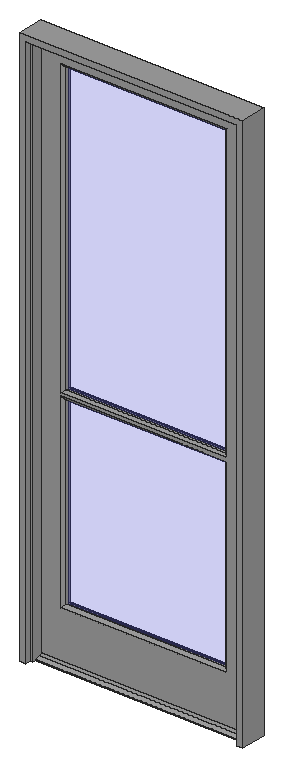
Revit family "MS-375 DOOR-0.25-CW_v04", category Curtain Panels, Revit 2015
Parameters
  Width [instance] = 3' - 2"
  URL = "obe.com"
  Rough Width [instance] = 3' - 2"
  Panel Width [instance] = [Min-Max Panel Width]  # 3' - 0"
  Panel Offset [instance] = 0' - 0"
  Offset [instance] = 0' - 0"
  Model = "MS-375 DOOR"
  Min-Max Rough Width [instance] = if(and((Rough Width > 3' 1 255/256"), (Rough Width < 3' 8 1/256")), Rough Width, 3' 8")  # 3' - 2"
  Min-Max Panel Width [instance] = if(and((Rough Width > 3' 1 255/256"), (Rough Width < 3' 8 1/256")), Rough Width - 0' 2", 3' 6")  # 3' - 0"
  Manufacturer = "Oldcastle BuildingEnvelope®"
  Keynote = "08 11 00"
  Hinge [instance] = yes
  Height [instance] = 8' - 0"
  Pushbar Height [instance] = 3' - 5 1/4"  # constant formula
  Glass Material = Glass
  Frame Material = Aluminum
  Door Panel Height [instance] = Height - 0' 0 5/8"  # 7' - 11 3/8"
  Description = "MS-375 - 1/4\" Door Infill"
  Assembly Code = "B2030"
  Analytic Construction = "<None>"
  8 Muntin [instance] = no
  6.5 Muntin [instance] = no
  10 Bottom Rail [instance] = not([8 Bottom Rail])  # no
  4 Muntin [instance] = no
  8 Bottom Rail [instance] = yes
  1.875 Muntin [instance] = no
  0.5 Muntin [instance] = if(or([1.875 Muntin], [4 Muntin], [6.5 Muntin], [8 Muntin]), 1 = 2, 1 = 1)  # yes
Reference planes (in)
  plane 1 "Front": y = 0
  plane 2: z = 0
  plane 3 "Center (Left/Right)": x = 0
  plane 4 "Left": x = -19
  plane 5 "Right": x = 19
  plane 6 "Top": z = 96
  plane 7 "Offset": y = 0
  plane 8: y = -1.28244
  plane 9: y = -1.28244
  plane 10: x = -19
  plane 11: x = 19
Forms (in)
  Sweep 1, solid, material "Aluminum" <- "Frame Material"
    path origin (0, 0, 0) x (-1, 0, 0) y (0, 0, 1)
      loop
        line (19, 0) -> (19, 96)
    profile origin (-19, 0, 48) x (1, 0, 0) y (0, 1, 0)
      loop
        line (1, -1.97) -> (1, 0) -> (0, 0) -> (0, -4.5) -> (1, -4.5) -> (1, -3.595) -> (1.5, -3.595) -> (1.5, -1.97) -> (1, -1.97)
  Sweep 2, solid, material "Aluminum" <- "Frame Material"
    path origin (0, 0, 0) x (-1, 0, 0) y (0, 0, 1)
      loop
        line (-19, 0) -> (-19, 96)
    profile origin (19, 0, 48) x (1, 0, 0) y (0, 1, 0)
      loop
        line (-1, -1.97) -> (-1.5, -1.97) -> (-1.5, -3.595) -> (-1, -3.595) -> (-1, -4.5) -> (0, -4.5) -> (0, 0) -> (-1, 0) -> (-1, -1.97)
  Extrusion 3, solid, material "Aluminum" <- "Frame Material"
    sketch origin (-19, 0, 0) x (0, -1, 0) y (0, 0, 1)
      loop
        line (1.97, 94.5) -> (3.595, 94.5) -> (3.595, 95) -> (4.5, 95) -> (4.5, 96) -> (0, 96) -> (0, 95) -> (1.97, 95) -> (1.97, 94.5)
    from -38 to 0
Cuts and joins
  joined: Sweep 1, Sweep 2, Extrusion 3
Text (in)
  text "Exterior" at (-54.29358, 31.38743, 0), in view "Ref. Level"
  text "Exterior" at (480, 41.53993, 89.60405), in view "Right"
  text "Exterior" at (-240, 57.82419, 105.78864), in view "Left"
Dimensions and locks (in)
  equal spacing: plane 4 "Left", plane 3 "Center (Left/Right)", plane 5 "Right"
  "Width": plane 4 "Left" to plane 5 "Right"
  "Height": plane 6 "Top" to plane 2
  "Offset": plane 1 "Front" to plane 7 "Offset"
  locked: plane 7 "Offset" to plane 8 at 1.28244
  locked: plane 7 "Offset" to plane 9 at 1.28244
  Extrusion 3 sketch curve to Extrusion 3 sketch curve to Extrusion 3 sketch curve = 0' - 0 1/2" locked, 0' - 0" locked
  nested 1 to Extrusion 3 sketch curve to Extrusion 3 sketch curve to Extrusion 3 sketch curve to Extrusion 3 sketch curve = 0' - 0" locked, 0' - 1.97" locked, 0' - 1 5/8" locked, 0' - 0.905" locked
  locked: Extrusion 3 sketch curve to Extrusion 3 sketch curve at 1
  equal spacing: plane 10, plane 3 "Center (Left/Right)", plane 11
  "Min-Max Rough Width": plane 10 to plane 11
  aligned and locked: level to plane 2
  aligned and locked: plane 3 "Center (Left/Right)" to nested 1
  aligned and locked: nested 1 to plane 7 "Offset"
  aligned and locked: plane 6 "Top" to Sweep 1 sketch curve
  aligned and locked: level to Sweep 1 sketch curve
  aligned and locked: plane 6 "Top" to Sweep 2 sketch curve
  aligned and locked: level to Sweep 2 sketch curve
  aligned and locked: Extrusion 3 to plane 6 "Top"
  aligned and locked: Extrusion 3 sketch curve to plane 6 "Top"
  aligned and locked: plane 10 to Sweep 1 sketch curve
  aligned and locked: plane 11 to Sweep 2 sketch curve
  aligned and locked: cut or joined group of Sweep 1, Sweep 2, Extrusion 3 to plane 11
  aligned and locked: plane 10 to cut or joined group of Sweep 1, Sweep 2, Extrusion 3
Automatic sketch dimensions
  Sweep 1 sketch curve to profile plane = 0' - 0"
  Sweep 1 sketch curve to plane 7 "Offset" = 0' - 0"
  Sweep 1 sketch curve to profile plane = 0' - 1"  (x2)
  Sweep 1 sketch curve to Sweep 1 sketch curve = 0' - 0 1/2"
  Sweep 1 sketch curve to plane 7 "Offset" = 0' - 1.97"
  Sweep 1 sketch curve to Sweep 1 sketch curve = 0' - 1 5/8"
  Sweep 1 sketch curve to Sweep 1 sketch curve = 0' - 0.905"
  Sweep 2 sketch curve to plane 7 "Offset" = 0' - 0"
  Sweep 2 sketch curve to profile plane = 0' - 0"
  profile plane to Sweep 2 sketch curve = 0' - 1"  (x2)
  Sweep 2 sketch curve to Sweep 2 sketch curve = 0' - 0 1/2"
  Sweep 2 sketch curve to plane 7 "Offset" = 0' - 1.97"
  Sweep 2 sketch curve to Sweep 2 sketch curve = 0' - 1 5/8"
  Sweep 2 sketch curve to Sweep 2 sketch curve = 0' - 0.905"
Nested families (in)
  nested 1: "MS-375 DOOR-0.25-Panel_v03" at (0, -16, 0), Frame Material <- "Frame Material", Glass Material <- "Glass Material", 0.5 Muntin <- "0.5 Muntin", 1.875 Muntin <- "1.875 Muntin", 4 Muntin <- "4 Muntin", 6.5 Muntin <- "6.5 Muntin", 8 Muntin <- "8 Muntin", Hinge <- "Hinge", Height <- "Door Panel Height", Width <- "Min-Max Panel Width", 8 Bottom Rail <- "8 Bottom Rail", Offset <- "Panel Offset", type "MS-375 DOOR-0.25-Panel"
    with built-in parameter 1001301 3' - 0", Pushbar Height 3' - 5 1/4", Offset 0' - 0", Hinge yes, built-in parameter 1001300 7' - 11 3/8", Glass at Muntin 0' - 1 1/16", Glass Material Glass, Frame Material Aluminum, Bottom Rail 0' - 8 31/32", 8 Muntin no, 8 Bottom Rail yes, 6.5 Muntin no, 4 Muntin no, 1.875 Muntin no, 0.5 Muntin yes
Definition of nested family "MS-375 DOOR-0.25-Panel_v03"
  Parameters (values of type "MS-375 DOOR-0.25-Panel")
    Width [instance] = 4' - 0"
    Offset [instance] = 0' - 11"
    Hinge [instance] = yes
    Height [instance] = 8' - 0"
    Glass at Muntin [instance] = if([8 Muntin], 0' 8 9/16", if([6.5 Muntin], 0' 7 1/16", if([4 Muntin], 0' 4 9/16", if([1.875 Muntin], 0' 2 109/256", 0' 1 1/16"))))  # 0' - 1 1/16"
    Pushbar Height [instance] = 3' - 5 1/4"  # constant formula
    Glass Material [instance] = none
    Frame Material [instance] = none
    Bottom Rail [instance] = if([8 Bottom Rail], 0' 8 31/32", 0' 10 31/32")  # 0' - 10 31/32"
    8 Muntin [instance] = no
    6.5 Muntin [instance] = no
    4 Muntin [instance] = no
    8 Bottom Rail [instance] = no
    1.875 Muntin [instance] = no
    0.5 Muntin [instance] = if(or([1.875 Muntin], [4 Muntin], [6.5 Muntin], [8 Muntin]), 1 = 2, 1 = 1)  # yes
  Reference planes (in)
    plane 1 "00": y = 4.0625
    plane 2: z = 0
    plane 3 "Center (Left/Right)": x = 0
    plane 4: z = 96
    plane 5: x = 24
    plane 6: x = -24
    plane 7 "Center (Front/Back)": y = 16
    plane 8 "Exterior": y = 4.1875
    plane 9: z = 48
    plane 10: z = 104.21875
    plane 11: x = -19.87021
    plane 12: x = 19.88279
    plane 13 "Offset": y = 5
    plane 14: z = 41.78125
    plane 15: z = 40.71875
    plane 16: z = 41.25
    plane 17: z = 92.18737
    plane 18: z = 10.96875
  Forms (in)
    Sweep 1, solid, material <- "Frame Material"
      path origin (0, 4.0625, 0) x (1, 0, 0) y (0, 0, 1)
        loop
          line (-23.79246, 96) -> (23.80392, 96)
      profile origin (0.00573, 4.0625, 96) x (0, 0, 1) y (0, -1, 0)
        loop
          line (-0.53142, -0.875) -> (-0.53142, 0.875) -> (-3.52736, 0.875) -> (-4.03142, 0.45204) -> (-4.03142, 0.125) -> (-3.81267, 0.125) -> (-3.81267, -0.125) -> (-4.03142, -0.125) -> (-4.03142, -0.45204) -> (-3.52736, -0.875) -> (-0.53142, -0.875)
    Extrusion 2, solid, material <- "Glass Material"
      sketch origin (0, 0, 0) x (0, 1, 0) y (0, 0, 1)
        loop
          line (4.1875, 40.71875) -> (3.9375, 40.71875) -> (3.9375, 10.96875) -> (4.1875, 10.96875) -> (4.1875, 40.71875)
      from -19.87021 to 19.88279
    Sweep 3, solid, material <- "Frame Material"
      path origin (0, 4.0625, 0) x (1, 0, 0) y (0, 0, 1)
        loop
          line (23.80392, 0) -> (-23.79246, 0)
      profile origin (0.00573, 4.0625, 0) x (0, 0, -1) y (0, -1, 0)
        loop
          line (-10.68343, -0.875) -> (-0.6875, -0.875) -> (-0.6875, 0.875) -> (-10.68343, 0.875) -> (-11.1875, 0.45204) -> (-11.1875, 0.125) -> (-10.96875, 0.125) -> (-10.96875, -0.125) -> (-11.1875, -0.125) -> (-11.1875, -0.45204) -> (-10.68343, -0.875)
    Sweep 4, solid, material <- "Frame Material"
      path origin (0, 4.0625, 0) x (1, 0, 0) y (0, 0, 1)
        loop
          line (24, 95.46858) -> (24, 0.6875)
      profile origin (24, 4.0625, 48.07804) x (0, -1, 0) y (1, 0, 0)
        loop
          line (-0.875, -0.08708) -> (-0.875, -3.83189) -> (-0.45204, -4.33596) -> (-0.125, -4.33596) -> (-0.125, -4.11721) -> (0.125, -4.11721) -> (0.125, -4.33596) -> (0.45204, -4.33596) -> (0.875, -3.83189) -> (0.875, -0.19608) -> (-0.875, -0.08708)
    Sweep 5, solid, material <- "Frame Material"
      path origin (0, 4.0625, 0) x (1, 0, 0) y (0, 0, 1)
        loop
          line (-24, 95.46858) -> (-24, 0.6875)
      profile origin (-24, 4.0625, 48.07804) x (0, -1, 0) y (1, 0, 0)
        loop
          line (-0.875, 0.09854) -> (0.875, 0.20754) -> (0.875, 3.84447) -> (0.45204, 4.34854) -> (0.125, 4.34854) -> (0.125, 4.12979) -> (-0.125, 4.12979) -> (-0.125, 4.34854) -> (-0.45204, 4.34854) -> (-0.875, 3.84447) -> (-0.875, 0.09854)
    Extrusion 6, solid, material <- "Glass Material"
      sketch origin (0, 0, 0) x (0, 1, 0) y (0, 0, 1)
        loop
          line (3.9375, 92.18737) -> (3.9375, 41.78125) -> (4.1875, 41.78125) -> (4.1875, 92.18737) -> (3.9375, 92.18737)
      from -19.87021 to 19.88279
    Sweep 7, solid, material <- "Frame Material"
      path origin (0, 4.0625, 0) x (1, 0, 0) y (0, 0, 1)
        loop
          line (22.91699, 48) -> (-22.83301, 48)
      profile origin (0.04199, 4.0625, 48) x (0, 0, -1) y (0, -1, 0)
        loop
          line (6, 0.45204) -> (6, 0.125) -> (6.21875, 0.125) -> (6.21875, -0.125) -> (6, -0.125) -> (6, -0.45204) -> (6.50407, -0.875) -> (6.99593, -0.875) -> (7.5, -0.45204) -> (7.5, -0.125) -> (7.28125, -0.125) -> (7.28125, 0.125) -> (7.5, 0.125) -> (7.5, 0.45204) -> (6.99593, 0.875) -> (6.50407, 0.875) -> (6, 0.45204)
    Sweep 8, solid, material <- "Frame Material"
      path origin (0, 5, 0) x (1, 0, 0) y (0, 0, 1)
        loop
          line (-23.79246, 0) -> (23.80392, 0)
      profile origin (0.00573, 5, 0) x (0, 0, 1) y (0, -1, 0)
        loop
          line (0.5, 2.468) -> (0.19364, 3.125) -> (0, 3.125) -> (0, -0.875) -> (0.19364, -0.875) -> (0.5, -0.218) -> (0.5, 2.468)
  Cuts and joins
    joined: Sweep 1, Sweep 3, Sweep 4, Sweep 5, Sweep 7
  Lines and regions (in)
    model lines
      curve 1: line (19.88279, 4.1875, 92.18737) -> (-20.15553, 4.1875, 48)
      curve 2: line (-20.15553, 4.1875, 48) -> (19.88279, 4.1875, 10.96875)
  Dimensions and locks (in)
    "Height": plane 4 to level
    "Width": plane 6 to plane 5
    Extrusion 2 sketch curve to plane 1 "00" to Extrusion 2 sketch curve = 0' - 0 1/8" locked, 0' - 0 1/8" locked
    "Bottom Rail": Extrusion 2 sketch curve to level
    locked: plane 12 to plane 5 at 4.11721
    locked: plane 6 to plane 11 at 4.12979
    "Offset": plane 13 "Offset" to plane 7 "Center (Front/Back)"
    plane 1 "00" to plane 8 "Exterior" to plane 13 "Offset" = 0' - 0 1/8" locked, 0' - 0 13/16" locked
    equal spacing: level, plane 9, plane 4
    locked: Sweep 3 sketch curve to plane 6 at 0.20754
    locked: plane 5 to Sweep 3 sketch curve at 0.19608
    locked: Sweep 4 sketch curve to plane 4 at 0.53142
    locked: Sweep 5 sketch curve to plane 4 at 0.53142
    locked: Sweep 1 sketch curve to plane 6 at 0.20754
    locked: plane 5 to Sweep 1 sketch curve at 0.19608
    Extrusion 6 sketch curve to plane 1 "00" to Extrusion 6 sketch curve = 0' - 0 1/8" locked, 0' - 0 1/8" locked
    locked: plane 5 to Sweep 7 sketch curve at 1.08301
    locked: Sweep 7 sketch curve to plane 6 at 1.16699
    Sweep 7 sketch curve to Sweep 7 sketch curve to Sweep 7 sketch curve = 0' - 0.28532" locked, 0' - 0" locked
    Sweep 7 sketch curve to Sweep 7 sketch curve to plane 15 to Sweep 7 sketch curve to Sweep 7 sketch curve = 0' - 0" locked, 0' - 0.28532" locked, 0' - 0 7/32" locked, 0' - 0" locked
    plane 4 to plane 9 to plane 2 = 4' - 0", 4' - 0"
    equal spacing: plane 6, plane 3 "Center (Left/Right)", plane 5
    "Glass at Muntin": plane 14 to plane 15
    equal spacing: plane 14, plane 16, plane 15
    "Pushbar Height": plane 16 to plane 2
    locked: plane 4 to plane 17 at 3.81263
    "Bottom Rail": plane 18 to plane 2
    Sweep 3 sketch curve to Sweep 3 sketch curve to Sweep 3 sketch curve to Sweep 3 sketch curve to plane 18 = 0' - 0" locked, 0' - 0" locked, 0' - 0" locked, 0' - 0 7/32" locked
    locked: plane 5 to Sweep 8 sketch curve at 0.19608
    locked: Sweep 8 sketch curve to plane 6 at 0.20754
    locked: Sweep 5 sketch curve to plane 2 at 0.6875
    locked: Sweep 4 sketch curve to plane 2 at 0.6875
    aligned and locked: plane 2 to level
    aligned and locked: Sweep 1 sketch curve to plane 4
    aligned and locked: Sweep 3 sketch curve to level
    aligned and locked: plane 5 to Sweep 4 sketch curve
    aligned and locked: plane 6 to Sweep 5 sketch curve
    aligned and locked: Sweep 7 sketch curve to plane 9
    aligned and locked: Extrusion 6 to plane 11
    aligned and locked: plane 12 to Extrusion 6
    aligned and locked: Extrusion 2 to plane 11
    aligned and locked: plane 12 to Extrusion 2
    aligned and locked: plane 11 to cut or joined group of Sweep 1, Sweep 3, Sweep 4, Sweep 5, Sweep 7
    aligned and locked: cut or joined group of Sweep 1, Sweep 3, Sweep 4, Sweep 5, Sweep 7 to plane 12
    aligned and locked: plane 9 to curve 2
    aligned and locked: curve 1 to cut or joined group of Sweep 1, Sweep 3, Sweep 4, Sweep 5, Sweep 7
    aligned and locked: cut or joined group of Sweep 1, Sweep 3, Sweep 4, Sweep 5, Sweep 7 to curve 2
    aligned and locked: curve 2 to Extrusion 2
    aligned and locked: Extrusion 6 to curve 1
    aligned and locked: plane 14 to Sweep 7 sketch curve
    aligned and locked: plane 15 to Extrusion 2
    aligned and locked: Extrusion 6 to plane 14
    aligned and locked: plane 17 to Extrusion 6
    aligned and locked: Extrusion 2 to plane 18
    aligned and locked: Sweep 3 sketch curve to plane 18
    aligned and locked: Sweep 8 sketch curve to plane 2
  Automatic sketch dimensions
    profile plane to Sweep 1 sketch curve = 0' - 0.53142"
    Sweep 1 sketch curve to plane 1 "00" = 0' - 0 7/8"
    Sweep 1 sketch curve to Sweep 1 sketch curve = 0' - 2.99593"
    Sweep 1 sketch curve to plane 1 "00" = 0' - 0.45204"
    Sweep 1 sketch curve to Sweep 1 sketch curve = 0' - 0.50407"  (x2)
    Sweep 1 sketch curve to plane 1 "00" = 0' - 0 1/8"
    Sweep 1 sketch curve to Sweep 1 sketch curve = 0' - 0 7/32"  (x2)
    plane 1 "00" to Sweep 1 sketch curve = 0' - 0 1/8"
    plane 1 "00" to Sweep 1 sketch curve = 0' - 0 7/8"
    Sweep 1 sketch curve to Sweep 1 sketch curve = 0' - 0.32704"
    level to Extrusion 6 sketch curve = 3' - 5 25/32"
    Extrusion 6 sketch curve to plane 4 = 0' - 3.81262"
    Sweep 4 sketch curve to plane 1 "00" = 0' - 0 7/8"
    Sweep 4 sketch curve to plane 1 "00" = 0' - 0.45204"
    Sweep 4 sketch curve to plane 1 "00" = 0' - 0 1/8"
    plane 1 "00" to Sweep 4 sketch curve = 0' - 0 1/8"
    Sweep 4 sketch curve to Sweep 4 sketch curve = 0' - 0.32704"
    plane 1 "00" to Sweep 4 sketch curve = 0' - 0 7/8"
    profile plane to Sweep 4 sketch curve = 0' - 4 43/128"
    Sweep 4 sketch curve to Sweep 4 sketch curve = 0' - 0"
    Sweep 4 sketch curve to Sweep 4 sketch curve = 0' - 0 7/32"
    Sweep 4 sketch curve to Sweep 4 sketch curve = 0' - 0.50407"  (x2)
    profile plane to Sweep 4 sketch curve = 0' - 0.19608"
    profile plane to Sweep 4 sketch curve = 0' - 0.08708"
    curve 2 to plane 11 = 0' - 0.28532"
    Sweep 5 sketch curve to profile plane = 0' - 0.09854"
    Sweep 5 sketch curve to plane 1 "00" = 0' - 0 7/8"
    Sweep 5 sketch curve to plane 1 "00" = 0' - 0.45204"
    Sweep 5 sketch curve to plane 1 "00" = 0' - 0 1/8"
    plane 1 "00" to Sweep 5 sketch curve = 0' - 0 1/8"
    Sweep 5 sketch curve to Sweep 5 sketch curve = 0' - 0.32704"
    Sweep 5 sketch curve to Sweep 5 sketch curve = 0' - 0.42296"
    Sweep 5 sketch curve to profile plane = 0' - 0.20754"
    Sweep 5 sketch curve to Sweep 5 sketch curve = 0' - 3.63693"
    Sweep 5 sketch curve to Sweep 5 sketch curve = 0' - 0"
    Sweep 5 sketch curve to Sweep 5 sketch curve = 0' - 0.28532"
    Sweep 5 sketch curve to Sweep 5 sketch curve = 0' - 0 7/32"  (x2)
    Sweep 7 sketch curve to Sweep 7 sketch curve = 0' - 0 7/32"  (x3)
    Sweep 7 sketch curve to plane 1 "00" = 0' - 0 7/8"
    Sweep 7 sketch curve to plane 1 "00" = 0' - 0.45204"  (x2)
    Sweep 7 sketch curve to plane 1 "00" = 0' - 0 1/8"  (x2)
    plane 1 "00" to Sweep 7 sketch curve = 0' - 0 1/8"  (x2)
    Sweep 7 sketch curve to Sweep 7 sketch curve = 0' - 0.32704"  (x2)
    Sweep 7 sketch curve to Sweep 7 sketch curve = 0' - 0.42296"
    profile plane to Sweep 3 sketch curve = 0' - 0 11/16"
    Sweep 3 sketch curve to plane 1 "00" = 0' - 0.45204"
    Sweep 3 sketch curve to plane 1 "00" = 0' - 0 1/8"
    plane 1 "00" to Sweep 3 sketch curve = 0' - 0 1/8"
    Sweep 3 sketch curve to Sweep 3 sketch curve = 0' - 0.32704"
    Sweep 3 sketch curve to Sweep 3 sketch curve = 0' - 0.42296"  (x2)
    Sweep 3 sketch curve to Sweep 3 sketch curve = 0' - 0"
    Sweep 3 sketch curve to Sweep 3 sketch curve = 0' - 0.28532"
    Sweep 8 sketch curve to profile plane = 0' - 0.19364"  (x2)
    Sweep 8 sketch curve to plane 13 "Offset" = 0' - 0 7/8"
    Sweep 8 sketch curve to profile plane = 0' - 0"
    Sweep 8 sketch curve to profile plane = 0' - 0 1/2"
    Sweep 8 sketch curve to plane 13 "Offset" = 0' - 0.218"
    Sweep 8 sketch curve to Sweep 8 sketch curve = 0' - 2.686"
    Sweep 8 sketch curve to Sweep 8 sketch curve = 0' - 0.657"
    Extrusion 2 sketch curve to plane 15 = 0' - 0"
